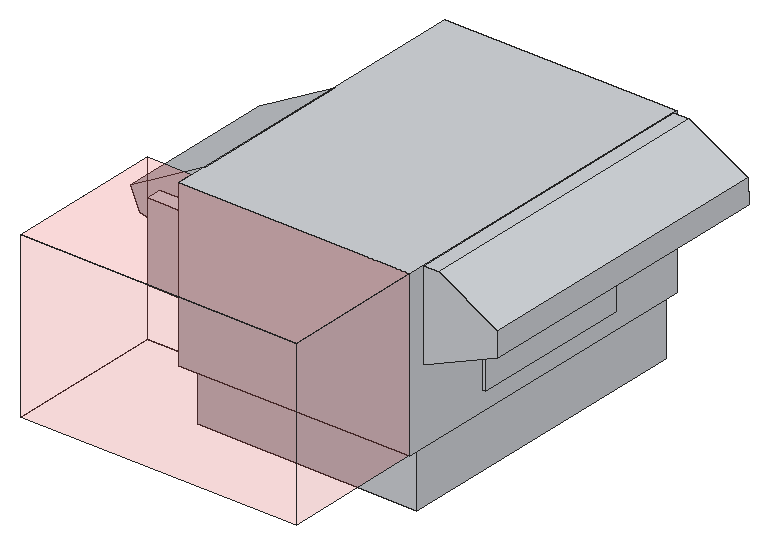
Revit family
Parameters (values of type "115 V Single Phase")
  Weight Scheduled [instance] = 915  # constant formula
  Voltage Workaround = Voltage / 1 V  # 115
  Voltage Scheduled = Voltage  # 115 V
  Voltage = 115 V
  VoltAmps Workaround [instance] = Voltage Workaround * Total FLA * sqrt(Phase)  # 0
  VoltAmps [instance] = VoltAmps Workaround * 1 VA  # 0 VA
  VFD [instance] = no
  URL = "http://www.renewaire.com/_assets/files/SubmittalForms/HE4XRTSubmittal.pdf"
  Total FLA [instance] = if(or(Supply Motor FLA = 0, Exhaust Motor FLA = 0), 0, (Supply Motor FLA * Supply Motor Count) + (Exhaust Motor FLA * Exhaust Motor Count))  # 0
  Supply Motor RPM Scheduled [instance] = Supply Motor RPM  # 0
  Supply Motor RPM [instance] = if(and(or(Supply ESP = 0, Supply ESP > 0), Supply ESP < 0.25), if(Supply Motor HP = 2, if(Supply CFM > 3465 CFM, 0, if(Supply CFM > 3099 CFM, 1326, 1186)), if(Supply Motor HP = 3, if(Supply CFM > 3812 CFM, 0, 1455), if(Supply Motor HP = 5, if(Supply CFM > 4165 CFM, 0, 1623), 0))), if(and(or(Supply ESP = 0.25, Supply ESP > 0.25), Supply ESP < 0.5), if(Supply Motor HP = 2, if(Supply CFM > 3185 CFM, 0, if(Supply CFM > 2790 CFM, 1326, 1186)), if(Supply Motor HP = 3, if(Supply CFM > 3750 CFM, 0, if(Supply CFM > 3550 CFM, 1527, 1455)), if(Supply Motor HP = 5, if(Supply CFM > 4240 CFM, 0, if(Supply CFM > 3965 CFM, 1728, 1623)), 0))), if(and(or(Supply ESP = 0.5, Supply ESP > 0.5), Supply ESP < 0.75), if(Supply Motor HP = 2, if(Supply CFM > 2810 CFM, 0, if(Supply CFM > 2295 CFM, 1326, 1186)), if(Supply Motor HP = 3, if(Supply CFM > 3500 CFM, 0, if(Supply CFM > 3285 CFM, 1527, 1455)), if(Supply Motor HP = 5, if(Supply CFM > 4345 CFM, 0, if(Supply CFM > 4050 CFM, 1832, if(Supply CFM > 3750 CFM, 1728, 1623))), 0))), if(and(or(Supply ESP = 0.75, Supply ESP > 0.75), Supply ESP < 1), if(Supply Motor HP = 2, if(Supply CFM > 2335 CFM, 0, if(Supply CFM > 1790 CFM, 1326, 1186)), if(Supply Motor HP = 3, if(Supply CFM > 3350 CFM, 0, if(Supply CFM > 3085 CFM, 1598, if(Supply CFM > 2820 CFM, 1527, 1455))), if(Supply Motor HP = 5, if(Supply CFM > 4140 CFM, 0, if(Supply CFM > 3820 CFM, 1832, if(Supply CFM > 3475 CFM, 1728, 1623))), 0))), if(and(or(Supply ESP = 1, Supply ESP > 1), Supply ESP < 1.25), if(Supply Motor HP = 2, if(Supply CFM > 2451 CFM, 0, if(Supply CFM > 1885 CFM, 1466, if(Supply CFM > 1150 CFM, 1326, 1186))), if(Supply Motor HP = 3, if(Supply CFM > 3210 CFM, 0, if(Supply CFM > 2950 CFM, 1670, if(Supply CFM > 2676 CFM, 1598, if(Supply CFM > 2400 CFM, 1527, 1455)))), if(Supply Motor HP = 5, if(Supply CFM > 3850 CFM, 0, if(Supply CFM > 3450 CFM, 1832, if(Supply CFM > 3055 CFM, 1728, 1623))), 0))), if(and(or(Supply ESP = 1.25, Supply ESP > 1.25), Supply ESP < 1.5), if(Supply Motor HP = 2, if(Supply CFM > 2026 CFM, 0, if(Supply CFM > 1290 CFM, 1466, 1326)), if(Supply Motor HP = 3, if(Supply CFM > 2870 CFM, 0, if(Supply CFM > 2590 CFM, 1670, if(Supply CFM > 2300 CFM, 1598, if(Supply CFM > 1970 CFM, 1527, 1455)))), if(Supply Motor HP = 5, if(Supply CFM > 3490 CFM, 0, if(Supply CFM > 3050 CFM, 1832, if(Supply CFM > 2685 CFM, 1728, 1623))), 0))), if(Supply ESP = 1.5, if(Supply Motor HP = 2, if(Supply CFM > 1485 CFM, 0, 1466), if(Supply Motor HP = 3, if(Supply CFM > 2800 CFM, 0, if(Supply CFM > 2500 CFM, 1742, if(Supply CFM > 2175 CFM, 1670, if(Supply CFM > 1815 CFM, 1598, if(Supply CFM > 1450 CFM, 1527, 1455))))), if(Supply Motor HP = 5, if(Supply CFM > 3145 CFM, 0, if(Supply CFM > 2720 CFM, 1832, if(Supply CFM > 2290 CFM, 1728, 1623))), 0))), 0)))))))  # 0
  Supply Motor HP Scheduled [instance] = Supply Motor HP  # 0
  Supply Motor HP [instance] = 0
  Supply Motor FLA [instance] = if(VFD, if(Supply Motor BHP = 0, 0, if(Supply Motor HP = 2, if(and(or(Voltage = 208 V, Voltage = 230 V), Phase = 1), 6.1, if(and(or(Voltage = 208 V, Voltage = 230 V), Phase = 3), 6.1, if(and(Voltage = 460 V, Phase = 3), 2.9, if(and(Voltage = 575 V, Phase = 3), 2.4, 0)))), if(Supply Motor HP = 3, if(and(or(Voltage = 208 V, Voltage = 230 V), Phase = 1), 9.4, if(and(or(Voltage = 208 V, Voltage = 230 V), Phase = 3), 9.4, if(and(Voltage = 460 V, Phase = 3), 4.24, if(and(Voltage = 575 V, Phase = 3), 3.3, 0)))), if(Supply Motor HP = 5, if(and(or(Voltage = 208 V, Voltage = 230 V), Phase = 3), 14.5, if(and(Voltage = 460 V, Phase = 3), 6.7, if(and(Voltage = 575 V, Phase = 3), 5.3, 0))), 0)))), if(Supply Motor BHP = 0, 0, if(Supply Motor HP = 2, if(and(Voltage = 115 V, Phase = 1), 20, if(and(or(Voltage = 208 V, Voltage = 230 V), Phase = 1), 10.8, if(and(or(Voltage = 208 V, Voltage = 230 V), Phase = 3), 6.1, if(and(Voltage = 460 V, Phase = 3), 2.9, if(and(Voltage = 575 V, Phase = 3), 2.4, 0))))), if(Supply Motor HP = 3, if(and(or(Voltage = 208 V, Voltage = 230 V), Phase = 1), 13, if(and(or(Voltage = 208 V, Voltage = 230 V), Phase = 3), 9.4, if(and(Voltage = 460 V, Phase = 3), 4.2, if(and(Voltage = 575 V, Phase = 3), 3.3, 0)))), if(Supply Motor HP = 5, if(and(or(Voltage = 208 V, Voltage = 230 V), Phase = 3), 14.5, if(and(Voltage = 460 V, Phase = 3), 6.7, if(and(Voltage = 575 V, Phase = 3), 5.3, 0))), 0)))))  # 0
  Supply Motor Count Scheduled [instance] = Supply Motor Count  # 1
  Supply Motor Count [instance] = 1  # constant formula
  Supply Motor BHP [instance] = if(and(or(Supply ESP = 0, Supply ESP > 0), Supply ESP < 0.25), if(Supply Motor HP = 2, if(Supply CFM > 3465 CFM, 0, if(Supply CFM > 3099 CFM, 2.2, 1.5)), if(Supply Motor HP = 3, if(Supply CFM > 3812 CFM, 0, 2.7), if(Supply Motor HP = 5, if(Supply CFM > 4165 CFM, 0, 3.7), 0))), if(and(or(Supply ESP = 0.25, Supply ESP > 0.25), Supply ESP < 0.5), if(Supply Motor HP = 2, if(Supply CFM > 3185 CFM, 0, if(Supply CFM > 2790 CFM, 1.9, 1.3)), if(Supply Motor HP = 3, if(Supply CFM > 3750 CFM, 0, if(Supply CFM > 3550 CFM, 2.9, 2.5)), if(Supply Motor HP = 5, if(Supply CFM > 4240 CFM, 0, if(Supply CFM > 3965 CFM, 4.3, 3.5)), 0))), if(and(or(Supply ESP = 0.5, Supply ESP > 0.5), Supply ESP < 0.75), if(Supply Motor HP = 2, if(Supply CFM > 2810 CFM, 0, if(Supply CFM > 2295 CFM, 1.7, 1.1)), if(Supply Motor HP = 3, if(Supply CFM > 3500 CFM, 0, if(Supply CFM > 3285 CFM, 2.7, 2.3)), if(Supply Motor HP = 5, if(Supply CFM > 4345 CFM, 0, if(Supply CFM > 4050 CFM, 4.9, if(Supply CFM > 3750 CFM, 4, 3.3))), 0))), if(and(or(Supply ESP = 0.75, Supply ESP > 0.75), Supply ESP < 1), if(Supply Motor HP = 2, if(Supply CFM > 2335 CFM, 0, if(Supply CFM > 1790 CFM, 1.4, 0.8)), if(Supply Motor HP = 3, if(Supply CFM > 3350 CFM, 0, if(Supply CFM > 3085 CFM, 2.6, if(Supply CFM > 2820 CFM, 2.4, 2))), if(Supply Motor HP = 5, if(Supply CFM > 4140 CFM, 0, if(Supply CFM > 3820 CFM, 4.5, if(Supply CFM > 3475 CFM, 3.7, 3))), 0))), if(and(or(Supply ESP = 1, Supply ESP > 1), Supply ESP < 1.25), if(Supply Motor HP = 2, if(Supply CFM > 2451 CFM, 0, if(Supply CFM > 1885 CFM, 1.8, if(Supply CFM > 1150 CFM, 1.2, 0.6))), if(Supply Motor HP = 3, if(Supply CFM > 3210 CFM, 0, if(Supply CFM > 2950 CFM, 3, if(Supply CFM > 2676 CFM, 2.6, if(Supply CFM > 2400 CFM, 2.1, 1.7)))), if(Supply Motor HP = 5, if(Supply CFM > 3850 CFM, 0, if(Supply CFM > 3450 CFM, 4.2, if(Supply CFM > 3055 CFM, 3.3, 2.5))), 0))), if(and(or(Supply ESP = 1.25, Supply ESP > 1.25), Supply ESP < 1.5), if(Supply Motor HP = 2, if(Supply CFM > 2026 CFM, 0, if(Supply CFM > 1290 CFM, 1.5, 0.9)), if(Supply Motor HP = 3, if(Supply CFM > 2870 CFM, 0, if(Supply CFM > 2590 CFM, 2.7, if(Supply CFM > 2300 CFM, 2.3, if(Supply CFM > 1970 CFM, 1.9, 1.5)))), if(Supply Motor HP = 5, if(Supply CFM > 3490 CFM, 0, if(Supply CFM > 3050 CFM, 3.7, if(Supply CFM > 2685 CFM, 3, 2.3))), 0))), if(Supply ESP = 1.5, if(Supply Motor HP = 2, if(Supply CFM > 1485 CFM, 0, 1.2), if(Supply Motor HP = 3, if(Supply CFM > 2800 CFM, 0, if(Supply CFM > 2500 CFM, 2.9, if(Supply CFM > 2175 CFM, 2.4, if(Supply CFM > 1815 CFM, 2, if(Supply CFM > 1450 CFM, 1.5, 1.2))))), if(Supply Motor HP = 5, if(Supply CFM > 3145 CFM, 0, if(Supply CFM > 2720 CFM, 3.3, if(Supply CFM > 2290 CFM, 2.6, 2))), 0))), 0)))))))  # 0
  Supply ESP Scheduled [instance] = Supply ESP  # 0
  Supply ESP [instance] = 0
  Supply CFM Scheduled [instance] = Supply CFM  # 0 CFM
  Supply CFM [instance] = 0 CFM
  Supply Air Winter RH Scheduled [instance] = 0
  Supply Air Winter DB Scheduled [instance] = 0
  Supply Air Summer RH Scheduled [instance] = 0
  Supply Air Summer DB Scheduled [instance] = 0
  Phase Scheduled = Phase  # 1
  Phase = 1
  Outside Air Winter RH Scheduled [instance] = 0
  Outside Air Winter DB Scheduled [instance] = 0
  Outside Air Summer RH Scheduled [instance] = 0
  Outside Air Summer DB Scheduled [instance] = 0
  Number of Poles = 1
  Model = "HE4XRTF"
  Manufacturer = "RenewAire"
  MOCP Scheduled [instance] = MOCP  # 0
  MOCP [instance] = if(VFD, if(Total FLA = 0, 0, if(and(or(Voltage = 208 V, Voltage = 230 V), Phase = 1), if(and(Supply Motor HP = 2, Exhaust Motor HP = 2), 30, if(and(Supply Motor HP = 2, Exhaust Motor HP = 3), 40, if(and(Supply Motor HP = 3, Exhaust Motor HP = 2), 40, if(and(Supply Motor HP = 3, Exhaust Motor HP = 3), 45, 0)))), if(and(or(Voltage = 208 V, Voltage = 230 V), Phase = 3), if(and(Supply Motor HP = 2, Exhaust Motor HP = 2), 15, if(and(Supply Motor HP = 2, Exhaust Motor HP = 3), 25, if(and(Supply Motor HP = 2, Exhaust Motor HP = 5), 35, if(and(Supply Motor HP = 3, Exhaust Motor HP = 2), 25, if(and(Supply Motor HP = 3, Exhaust Motor HP = 3), 25, if(and(Supply Motor HP = 3, Exhaust Motor HP = 5), 40, if(and(Supply Motor HP = 5, Exhaust Motor HP = 2), 35, if(and(Supply Motor HP = 5, Exhaust Motor HP = 3), 40, if(and(Supply Motor HP = 5, Exhaust Motor HP = 5), 45, 0))))))))), if(and(Voltage = 460 V, Phase = 3), if(and(Supply Motor HP = 2, Exhaust Motor HP = 2), 15, if(and(Supply Motor HP = 2, Exhaust Motor HP = 3), 15, if(and(Supply Motor HP = 2, Exhaust Motor HP = 5), 15, if(and(Supply Motor HP = 3, Exhaust Motor HP = 2), 15, if(and(Supply Motor HP = 3, Exhaust Motor HP = 3), 15, if(and(Supply Motor HP = 3, Exhaust Motor HP = 5), 15, if(and(Supply Motor HP = 5, Exhaust Motor HP = 2), 15, if(and(Supply Motor HP = 5, Exhaust Motor HP = 3), 15, if(and(Supply Motor HP = 5, Exhaust Motor HP = 5), 20, 0))))))))), if(and(Voltage = 575 V, Phase = 3), if(and(Supply Motor HP = 2, Exhaust Motor HP = 2), 15, if(and(Supply Motor HP = 2, Exhaust Motor HP = 3), 15, if(and(Supply Motor HP = 2, Exhaust Motor HP = 5), 15, if(and(Supply Motor HP = 3, Exhaust Motor HP = 2), 15, if(and(Supply Motor HP = 3, Exhaust Motor HP = 3), 15, if(and(Supply Motor HP = 3, Exhaust Motor HP = 5), 15, if(and(Supply Motor HP = 5, Exhaust Motor HP = 2), 15, if(and(Supply Motor HP = 5, Exhaust Motor HP = 3), 15, if(and(Supply Motor HP = 5, Exhaust Motor HP = 5), 15, 0))))))))), 0))))), if(Total FLA = 0, 0, if(and(Voltage = 115 V, Phase = 1), if(and(Supply Motor HP = 2, Exhaust Motor HP = 2), 60, 0), if(and(or(Voltage = 208 V, Voltage = 230 V), Phase = 1), if(and(Supply Motor HP = 2, Exhaust Motor HP = 2), 35, if(and(Supply Motor HP = 2, Exhaust Motor HP = 3), 40, if(and(Supply Motor HP = 3, Exhaust Motor HP = 2), 40, if(and(Supply Motor HP = 3, Exhaust Motor HP = 3), 40, 0)))), if(and(or(Voltage = 208 V, Voltage = 230 V), Phase = 3), if(and(Supply Motor HP = 2, Exhaust Motor HP = 2), 15, if(and(Supply Motor HP = 2, Exhaust Motor HP = 3), 25, if(and(Supply Motor HP = 2, Exhaust Motor HP = 5), 35, if(and(Supply Motor HP = 3, Exhaust Motor HP = 2), 25, if(and(Supply Motor HP = 3, Exhaust Motor HP = 3), 25, if(and(Supply Motor HP = 3, Exhaust Motor HP = 5), 40, if(and(Supply Motor HP = 5, Exhaust Motor HP = 2), 35, if(and(Supply Motor HP = 5, Exhaust Motor HP = 3), 40, if(and(Supply Motor HP = 5, Exhaust Motor HP = 5), 45, 0))))))))), if(and(Voltage = 460 V, Phase = 3), if(and(Supply Motor HP = 2, Exhaust Motor HP = 2), 15, if(and(Supply Motor HP = 2, Exhaust Motor HP = 3), 15, if(and(Supply Motor HP = 2, Exhaust Motor HP = 5), 15, if(and(Supply Motor HP = 3, Exhaust Motor HP = 2), 15, if(and(Supply Motor HP = 3, Exhaust Motor HP = 3), 15, if(and(Supply Motor HP = 3, Exhaust Motor HP = 5), 15, if(and(Supply Motor HP = 5, Exhaust Motor HP = 2), 15, if(and(Supply Motor HP = 5, Exhaust Motor HP = 3), 15, if(and(Supply Motor HP = 5, Exhaust Motor HP = 5), 20, 0))))))))), if(and(Voltage = 575 V, Phase = 3), if(and(Supply Motor HP = 2, Exhaust Motor HP = 2), 15, if(and(Supply Motor HP = 2, Exhaust Motor HP = 3), 15, if(and(Supply Motor HP = 2, Exhaust Motor HP = 5), 15, if(and(Supply Motor HP = 3, Exhaust Motor HP = 2), 15, if(and(Supply Motor HP = 3, Exhaust Motor HP = 3), 15, if(and(Supply Motor HP = 3, Exhaust Motor HP = 5), 15, if(and(Supply Motor HP = 5, Exhaust Motor HP = 2), 15, if(and(Supply Motor HP = 5, Exhaust Motor HP = 3), 15, if(and(Supply Motor HP = 5, Exhaust Motor HP = 5), 15, 0))))))))), 0)))))))  # 0
  MCA Scheduled [instance] = MCA  # 0
  MCA [instance] = if(VFD, if(Total FLA = 0, 0, if(and(or(Voltage = 208 V, Voltage = 230 V), Phase = 1), if(and(Supply Motor HP = 2, Exhaust Motor HP = 2), 26, if(and(Supply Motor HP = 2, Exhaust Motor HP = 3), 33.9, if(and(Supply Motor HP = 3, Exhaust Motor HP = 2), 33.9, if(and(Supply Motor HP = 3, Exhaust Motor HP = 3), 40.2, 0)))), if(and(or(Voltage = 208 V, Voltage = 230 V), Phase = 3), if(and(Supply Motor HP = 2, Exhaust Motor HP = 2), 15, if(and(Supply Motor HP = 2, Exhaust Motor HP = 3), 19.6, if(and(Supply Motor HP = 2, Exhaust Motor HP = 5), 26.6, if(and(Supply Motor HP = 3, Exhaust Motor HP = 2), 19.6, if(and(Supply Motor HP = 3, Exhaust Motor HP = 3), 23.2, if(and(Supply Motor HP = 3, Exhaust Motor HP = 5), 30.3, if(and(Supply Motor HP = 5, Exhaust Motor HP = 2), 26.6, if(and(Supply Motor HP = 5, Exhaust Motor HP = 3), 30.3, if(and(Supply Motor HP = 5, Exhaust Motor HP = 5), 35.9, 0))))))))), if(and(Voltage = 460 V, Phase = 3), if(and(Supply Motor HP = 2, Exhaust Motor HP = 2), 7.2, if(and(Supply Motor HP = 2, Exhaust Motor HP = 3), 9, if(and(Supply Motor HP = 2, Exhaust Motor HP = 5), 12.4, if(and(Supply Motor HP = 3, Exhaust Motor HP = 2), 9, if(and(Supply Motor HP = 3, Exhaust Motor HP = 3), 10.5, if(and(Supply Motor HP = 3, Exhaust Motor HP = 5), 13.9, if(and(Supply Motor HP = 5, Exhaust Motor HP = 2), 12.4, if(and(Supply Motor HP = 5, Exhaust Motor HP = 3), 13.9, if(and(Supply Motor HP = 5, Exhaust Motor HP = 5), 16.6, 0))))))))), if(and(Voltage = 575 V, Phase = 3), if(and(Supply Motor HP = 2, Exhaust Motor HP = 2), 5.9, if(and(Supply Motor HP = 2, Exhaust Motor HP = 3), 7.2, if(and(Supply Motor HP = 2, Exhaust Motor HP = 5), 9.9, if(and(Supply Motor HP = 3, Exhaust Motor HP = 2), 7.2, if(and(Supply Motor HP = 3, Exhaust Motor HP = 3), 8.2, if(and(Supply Motor HP = 3, Exhaust Motor HP = 5), 10.9, if(and(Supply Motor HP = 5, Exhaust Motor HP = 2), 9.9, if(and(Supply Motor HP = 5, Exhaust Motor HP = 3), 10.9, if(and(Supply Motor HP = 5, Exhaust Motor HP = 5), 13.1, 0))))))))), 0))))), if(Total FLA = 0, 0, if(and(Voltage = 115 V, Phase = 1), if(and(Supply Motor HP = 2, Exhaust Motor HP = 2), 45, 0), if(and(or(Voltage = 208 V, Voltage = 230 V), Phase = 1), if(and(Supply Motor HP = 2, Exhaust Motor HP = 2), 24.3, if(and(Supply Motor HP = 2, Exhaust Motor HP = 3), 27.1, if(and(Supply Motor HP = 3, Exhaust Motor HP = 2), 27.1, if(and(Supply Motor HP = 3, Exhaust Motor HP = 3), 29.3, 0)))), if(and(or(Voltage = 208 V, Voltage = 230 V), Phase = 3), if(and(Supply Motor HP = 2, Exhaust Motor HP = 2), 13.6, if(and(Supply Motor HP = 2, Exhaust Motor HP = 3), 17.8, if(and(Supply Motor HP = 2, Exhaust Motor HP = 5), 24.2, if(and(Supply Motor HP = 3, Exhaust Motor HP = 2), 17.8, if(and(Supply Motor HP = 3, Exhaust Motor HP = 3), 21.1, if(and(Supply Motor HP = 3, Exhaust Motor HP = 5), 27.5, if(and(Supply Motor HP = 5, Exhaust Motor HP = 2), 24.2, if(and(Supply Motor HP = 5, Exhaust Motor HP = 3), 27.5, if(and(Supply Motor HP = 5, Exhaust Motor HP = 5), 32.6, 0))))))))), if(and(Voltage = 460 V, Phase = 3), if(and(Supply Motor HP = 2, Exhaust Motor HP = 2), 6.5, if(and(Supply Motor HP = 2, Exhaust Motor HP = 3), 8.2, if(and(Supply Motor HP = 2, Exhaust Motor HP = 5), 11.3, if(and(Supply Motor HP = 3, Exhaust Motor HP = 2), 8.2, if(and(Supply Motor HP = 3, Exhaust Motor HP = 3), 9.5, if(and(Supply Motor HP = 3, Exhaust Motor HP = 5), 12.6, if(and(Supply Motor HP = 5, Exhaust Motor HP = 2), 11.3, if(and(Supply Motor HP = 5, Exhaust Motor HP = 3), 12.6, if(and(Supply Motor HP = 5, Exhaust Motor HP = 5), 15.1, 0))))))))), if(and(Voltage = 575 V, Phase = 3), if(and(Supply Motor HP = 2, Exhaust Motor HP = 2), 5.4, if(and(Supply Motor HP = 2, Exhaust Motor HP = 3), 6.5, if(and(Supply Motor HP = 2, Exhaust Motor HP = 5), 9, if(and(Supply Motor HP = 3, Exhaust Motor HP = 2), 6.5, if(and(Supply Motor HP = 3, Exhaust Motor HP = 3), 7.4, if(and(Supply Motor HP = 3, Exhaust Motor HP = 5), 9.9, if(and(Supply Motor HP = 5, Exhaust Motor HP = 2), 9, if(and(Supply Motor HP = 5, Exhaust Motor HP = 3), 9.9, if(and(Supply Motor HP = 5, Exhaust Motor HP = 5), 11.9, 0))))))))), 0)))))))  # 0
  FLA Scheduled [instance] = Total FLA  # 0
  Exhaust RH Scheduled [instance] = 0
  Exhaust Motor RPM Scheduled [instance] = Exhaust Motor RPM  # 0
  Exhaust Motor RPM [instance] = if(and(or(Exhaust ESP = 0, Exhaust ESP > 0), Exhaust ESP < 0.25), if(Exhaust Motor HP = 2, if(Exhaust CFM > 3465 CFM, 0, if(Exhaust CFM > 3099 CFM, 1326, 1186)), if(Exhaust Motor HP = 3, if(Exhaust CFM > 3812 CFM, 0, 1455), if(Exhaust Motor HP = 5, if(Exhaust CFM > 4165 CFM, 0, 1623), 0))), if(and(or(Exhaust ESP = 0.25, Exhaust ESP > 0.25), Exhaust ESP < 0.5), if(Exhaust Motor HP = 2, if(Exhaust CFM > 3185 CFM, 0, if(Exhaust CFM > 2790 CFM, 1326, 1186)), if(Exhaust Motor HP = 3, if(Exhaust CFM > 3750 CFM, 0, if(Exhaust CFM > 3550 CFM, 1527, 1455)), if(Exhaust Motor HP = 5, if(Exhaust CFM > 4240 CFM, 0, if(Exhaust CFM > 3965 CFM, 1728, 1623)), 0))), if(and(or(Exhaust ESP = 0.5, Exhaust ESP > 0.5), Exhaust ESP < 0.75), if(Exhaust Motor HP = 2, if(Exhaust CFM > 2810 CFM, 0, if(Exhaust CFM > 2295 CFM, 1326, 1186)), if(Exhaust Motor HP = 3, if(Exhaust CFM > 3500 CFM, 0, if(Exhaust CFM > 3285 CFM, 1527, 1455)), if(Exhaust Motor HP = 5, if(Exhaust CFM > 4345 CFM, 0, if(Exhaust CFM > 4050 CFM, 1832, if(Exhaust CFM > 3750 CFM, 1728, 1623))), 0))), if(and(or(Exhaust ESP = 0.75, Exhaust ESP > 0.75), Exhaust ESP < 1), if(Exhaust Motor HP = 2, if(Exhaust CFM > 2335 CFM, 0, if(Exhaust CFM > 1790 CFM, 1326, 1186)), if(Exhaust Motor HP = 3, if(Exhaust CFM > 3350 CFM, 0, if(Exhaust CFM > 3085 CFM, 1598, if(Exhaust CFM > 2820 CFM, 1527, 1455))), if(Exhaust Motor HP = 5, if(Exhaust CFM > 4140 CFM, 0, if(Exhaust CFM > 3820 CFM, 1832, if(Exhaust CFM > 3475 CFM, 1728, 1623))), 0))), if(and(or(Exhaust ESP = 1, Exhaust ESP > 1), Exhaust ESP < 1.25), if(Exhaust Motor HP = 2, if(Exhaust CFM > 2451 CFM, 0, if(Exhaust CFM > 1885 CFM, 1466, if(Exhaust CFM > 1150 CFM, 1326, 1186))), if(Exhaust Motor HP = 3, if(Exhaust CFM > 3210 CFM, 0, if(Exhaust CFM > 2950 CFM, 1670, if(Exhaust CFM > 2676 CFM, 1598, if(Exhaust CFM > 2400 CFM, 1527, 1455)))), if(Exhaust Motor HP = 5, if(Exhaust CFM > 3850 CFM, 0, if(Exhaust CFM > 3450 CFM, 1832, if(Exhaust CFM > 3055 CFM, 1728, 1623))), 0))), if(and(or(Exhaust ESP = 1.25, Exhaust ESP > 1.25), Exhaust ESP < 1.5), if(Exhaust Motor HP = 2, if(Exhaust CFM > 2026 CFM, 0, if(Exhaust CFM > 1290 CFM, 1466, 1326)), if(Exhaust Motor HP = 3, if(Exhaust CFM > 2870 CFM, 0, if(Exhaust CFM > 2590 CFM, 1670, if(Exhaust CFM > 2300 CFM, 1598, if(Exhaust CFM > 1970 CFM, 1527, 1455)))), if(Exhaust Motor HP = 5, if(Exhaust CFM > 3490 CFM, 0, if(Exhaust CFM > 3050 CFM, 1832, if(Exhaust CFM > 2685 CFM, 1728, 1623))), 0))), if(Exhaust ESP = 1.5, if(Exhaust Motor HP = 2, if(Exhaust CFM > 1485 CFM, 0, 1466), if(Exhaust Motor HP = 3, if(Exhaust CFM > 2800 CFM, 0, if(Exhaust CFM > 2500 CFM, 1742, if(Exhaust CFM > 2175 CFM, 1670, if(Exhaust CFM > 1815 CFM, 1598, if(Exhaust CFM > 1450 CFM, 1527, 1455))))), if(Exhaust Motor HP = 5, if(Exhaust CFM > 3145 CFM, 0, if(Exhaust CFM > 2720 CFM, 1832, if(Exhaust CFM > 2290 CFM, 1728, 1623))), 0))), 0)))))))  # 0
  Exhaust Motor HP Scheduled [instance] = Exhaust Motor HP  # 0
  Exhaust Motor HP [instance] = 0
  Exhaust Motor FLA [instance] = if(VFD, if(Exhaust Motor BHP = 0, 0, if(Exhaust Motor HP = 2, if(and(or(Voltage = 208 V, Voltage = 230 V), Phase = 1), 6.1, if(and(or(Voltage = 208 V, Voltage = 230 V), Phase = 3), 6.1, if(and(Voltage = 460 V, Phase = 3), 2.9, if(and(Voltage = 575 V, Phase = 3), 2.4, 0)))), if(Exhaust Motor HP = 3, if(and(or(Voltage = 208 V, Voltage = 230 V), Phase = 1), 9.4, if(and(or(Voltage = 208 V, Voltage = 230 V), Phase = 3), 9.4, if(and(Voltage = 460 V, Phase = 3), 4.24, if(and(Voltage = 575 V, Phase = 3), 3.3, 0)))), if(Exhaust Motor HP = 5, if(and(or(Voltage = 208 V, Voltage = 230 V), Phase = 3), 14.5, if(and(Voltage = 460 V, Phase = 3), 6.7, if(and(Voltage = 575 V, Phase = 3), 5.3, 0))), 0)))), if(Exhaust Motor BHP = 0, 0, if(Exhaust Motor HP = 2, if(and(Voltage = 115 V, Phase = 1), 20, if(and(or(Voltage = 208 V, Voltage = 230 V), Phase = 1), 10.8, if(and(or(Voltage = 208 V, Voltage = 230 V), Phase = 3), 6.1, if(and(Voltage = 460 V, Phase = 3), 2.9, if(and(Voltage = 575 V, Phase = 3), 2.4, 0))))), if(Exhaust Motor HP = 3, if(and(or(Voltage = 208 V, Voltage = 230 V), Phase = 1), 13, if(and(or(Voltage = 208 V, Voltage = 230 V), Phase = 3), 9.4, if(and(Voltage = 460 V, Phase = 3), 4.2, if(and(Voltage = 575 V, Phase = 3), 3.3, 0)))), if(Exhaust Motor HP = 5, if(and(or(Voltage = 208 V, Voltage = 230 V), Phase = 3), 14.5, if(and(Voltage = 460 V, Phase = 3), 6.7, if(and(Voltage = 575 V, Phase = 3), 5.3, 0))), 0)))))  # 0
  Exhaust Motor Count Scheduled [instance] = Exhaust Motor Count  # 1
  Exhaust Motor Count [instance] = 1  # constant formula
  Exhaust Motor BHP [instance] = if(and(or(Exhaust ESP = 0, Exhaust ESP > 0), Exhaust ESP < 0.25), if(Exhaust Motor HP = 2, if(Exhaust CFM > 3465 CFM, 0, if(Exhaust CFM > 3099 CFM, 2.2, 1.5)), if(Exhaust Motor HP = 3, if(Exhaust CFM > 3812 CFM, 0, 2.7), if(Exhaust Motor HP = 5, if(Exhaust CFM > 4165 CFM, 0, 3.7), 0))), if(and(or(Exhaust ESP = 0.25, Exhaust ESP > 0.25), Exhaust ESP < 0.5), if(Exhaust Motor HP = 2, if(Exhaust CFM > 3185 CFM, 0, if(Exhaust CFM > 2790 CFM, 1.9, 1.3)), if(Exhaust Motor HP = 3, if(Exhaust CFM > 3750 CFM, 0, if(Exhaust CFM > 3550 CFM, 2.9, 2.5)), if(Exhaust Motor HP = 5, if(Exhaust CFM > 4240 CFM, 0, if(Exhaust CFM > 3965 CFM, 4.3, 3.5)), 0))), if(and(or(Exhaust ESP = 0.5, Exhaust ESP > 0.5), Exhaust ESP < 0.75), if(Exhaust Motor HP = 2, if(Exhaust CFM > 2810 CFM, 0, if(Exhaust CFM > 2295 CFM, 1.7, 1.1)), if(Exhaust Motor HP = 3, if(Exhaust CFM > 3500 CFM, 0, if(Exhaust CFM > 3285 CFM, 2.7, 2.3)), if(Exhaust Motor HP = 5, if(Exhaust CFM > 4345 CFM, 0, if(Exhaust CFM > 4050 CFM, 4.9, if(Exhaust CFM > 3750 CFM, 4, 3.3))), 0))), if(and(or(Exhaust ESP = 0.75, Exhaust ESP > 0.75), Exhaust ESP < 1), if(Exhaust Motor HP = 2, if(Exhaust CFM > 2335 CFM, 0, if(Exhaust CFM > 1790 CFM, 1.4, 0.8)), if(Exhaust Motor HP = 3, if(Exhaust CFM > 3350 CFM, 0, if(Exhaust CFM > 3085 CFM, 2.6, if(Exhaust CFM > 2820 CFM, 2.4, 2))), if(Exhaust Motor HP = 5, if(Exhaust CFM > 4140 CFM, 0, if(Exhaust CFM > 3820 CFM, 4.5, if(Exhaust CFM > 3475 CFM, 3.7, 3))), 0))), if(and(or(Exhaust ESP = 1, Exhaust ESP > 1), Exhaust ESP < 1.25), if(Exhaust Motor HP = 2, if(Exhaust CFM > 2451 CFM, 0, if(Exhaust CFM > 1885 CFM, 1.8, if(Exhaust CFM > 1150 CFM, 1.2, 0.6))), if(Exhaust Motor HP = 3, if(Exhaust CFM > 3210 CFM, 0, if(Exhaust CFM > 2950 CFM, 3, if(Exhaust CFM > 2676 CFM, 2.6, if(Exhaust CFM > 2400 CFM, 2.1, 1.7)))), if(Exhaust Motor HP = 5, if(Exhaust CFM > 3850 CFM, 0, if(Exhaust CFM > 3450 CFM, 4.2, if(Exhaust CFM > 3055 CFM, 3.3, 2.5))), 0))), if(and(or(Exhaust ESP = 1.25, Exhaust ESP > 1.25), Exhaust ESP < 1.5), if(Exhaust Motor HP = 2, if(Exhaust CFM > 2026 CFM, 0, if(Exhaust CFM > 1290 CFM, 1.5, 0.9)), if(Exhaust Motor HP = 3, if(Exhaust CFM > 2870 CFM, 0, if(Exhaust CFM > 2590 CFM, 2.7, if(Exhaust CFM > 2300 CFM, 2.3, if(Exhaust CFM > 1970 CFM, 1.9, 1.5)))), if(Exhaust Motor HP = 5, if(Exhaust CFM > 3490 CFM, 0, if(Exhaust CFM > 3050 CFM, 3.7, if(Exhaust CFM > 2685 CFM, 3, 2.3))), 0))), if(Exhaust ESP = 1.5, if(Exhaust Motor HP = 2, if(Exhaust CFM > 1485 CFM, 0, 1.2), if(Exhaust Motor HP = 3, if(Exhaust CFM > 2800 CFM, 0, if(Exhaust CFM > 2500 CFM, 2.9, if(Exhaust CFM > 2175 CFM, 2.4, if(Exhaust CFM > 1815 CFM, 2, if(Exhaust CFM > 1450 CFM, 1.5, 1.2))))), if(Exhaust Motor HP = 5, if(Exhaust CFM > 3145 CFM, 0, if(Exhaust CFM > 2720 CFM, 3.3, if(Exhaust CFM > 2290 CFM, 2.6, 2))), 0))), 0)))))))  # 0
  Exhaust ESP Scheduled [instance] = Exhaust ESP  # 0
  Exhaust ESP [instance] = 0
  Exhaust DB Scheduled [instance] = 0
  Exhaust CFM Scheduled [instance] = Exhaust CFM  # 0 CFM
  Exhaust CFM [instance] = 0 CFM
  Enthalpy Effect Winter Scheduled [instance] = 0
  Enthalpy Effect Summer Scheduled [instance] = 0
Types (8): name | Voltage Workaround | Voltage Scheduled | Voltage | VFD | Phase Scheduled | Phase | Number of Poles
  (no name) | 115 | 115 V | 115 V | no | 1 | 1 | 1
  208 V Single Phase | 208 | 208 V | 208 V | yes | 1 | 1 | 2
  230 V Single Phase | 230 | 230 V | 230 V | yes | 1 | 1 | 2
  208 V Three Phase | 208 | 208 V | 208 V | yes | 3 | 3 | 3
  230 V Three Phase | 230 | 230 V | 230 V | yes | 3 | 3 | 3
  460 V Three Phase | 460 | 460 V | 460 V | yes | 3 | 3 | 3
  575 V Three Phase | 575 | 575 V | 575 V | yes | 3 | 3 | 3
  115 V Single Phase | 115 | 115 V | 115 V | no | 1 | 1 | 1
Reference planes (in)
  plane 1 "Center (Front/Back)": y = 0
  plane 2: z = 0
  plane 3 "Center (Left/Right)": x = 0
Forms (in)
  Extrusion 1, solid
    sketch origin (0, 0, 0) x (1, 0, 0) y (0, 1, 0)
      loop
        line (-28.5, 41) -> (-28.5, -41) -> (28.5, -41) -> (28.5, 41) -> (-28.5, 41)
    from 14 to 54.25
  Extrusion 2, solid
    sketch origin (0.25, 0.875, 0) x (1, 0, 0) y (0, 1, 0)
      loop
        line (-27.0625, 38.1875) -> (-27.0625, -38.1875) -> (27.0625, -38.1875) -> (27.0625, 38.1875) -> (-27.0625, 38.1875)
    from 0 to 14
  Extrusion 3, solid
    sketch origin (0, -0.02941, 0) x (1, 0, 0) y (0, 1, 0)
      loop
        line (28.5, -40.97059) -> (-28.5, -40.97059) -> (-28.5, -36.84559) -> (-39.5, -36.84559) -> (-39.5, -76) -> (28.5, -76) -> (28.5, -40.97059)
    from 14 to 54.25
  Extrusion 4, solid
    sketch origin (-28.5, 27.06731, 0) x (0, 1, 0) y (0, 0, -1)
      loop
        line (-59.94231, -45.25) -> (-59.94231, -26) -> (-63.94231, -26) -> (-63.94231, -45.25) -> (-59.94231, -45.25)
    from 0 to 11
  Extrusion 5, solid
    sketch origin (28.5, 22.75, -0.125) x (0, -1, 0) y (0, 0, -1)
      loop
        line (41.75, -31.125) -> (41.75, -19.125) -> (1.75, -19.125) -> (1.75, -31.125) -> (41.75, -31.125)
    from 0 to 1
  Extrusion 6, solid
    sketch origin (0, 0, 0) x (1, 0, 0) y (0, 0, 1)
      loop
        line (-44.62254, 38.67542) -> (-28.5, 34.375) -> (-28.5, 54.25) -> (-46.875, 43.78579) -> (-44.62254, 38.67542)
    from -7 to 32.875
  Extrusion 7, solid
    sketch origin (0, 0, 0) x (1, 0, 0) y (0, 0, 1)
      loop
        line (28.5, 32.375) -> (47, 40.48033) -> (47, 46.38737) -> (32.25, 54.25) -> (28.5, 54.25) -> (28.5, 32.375)
    from -40 to 37
Cuts and joins
  joined: Extrusion 1, Extrusion 2, Extrusion 4, Extrusion 5
Lines and regions (in)
  Split face 1
    outline origin (0.25, 0.875, 0) x (1, 0, 0) y (0, 1, 0)
      loop
        line (-10.4375, -31.6875) -> (-10.4375, 2.3125) -> (-25.1875, 2.3125) -> (-25.1875, -31.6875) -> (-10.4375, -31.6875)
Connectors (in)
  hvac at (-17.5625, -13.8125, 0), driven by "Supply CFM"
    settings: on Extrusion 2, index 2, duct flow 0 CFM, flow factor 0, pres drop 0.00 in-wg, loss coef 0, conn angle 0.00°, conn width 12", conn height 32", conn radius 12", duct sys type 1, conn prof type 1, flow config 0, flow direction 2, loss method 0, conn ref index -1, conn util no, is conn primary yes, conn desc ""
  electrical at (-39.5, -34.875, 35.625), driven by "VoltAmps", driven by "Voltage", driven by "Number of Poles"
    settings: on Extrusion 4, index 3, voltage 115 V, apparent load 0 VA, apparent load phase1 0 VA, apparent load phase2 0 VA, apparent load phase3 0 VA, power factor 1, load classification "HVAC", number of poles 1, system type 30, power factor state 1, is connector primary yes, connector utility no, sub classification motor no, connector description ""
  hvac at (29.5, 1, 25), driven by "Exhaust CFM"
    settings: on Extrusion 5, index 4, duct flow 0 CFM, flow factor 0, pres drop 0.00 in-wg, loss coef 0, conn angle 0.00°, conn width 40", conn height 12", conn radius 12", duct sys type 3, conn prof type 1, flow config 0, flow direction 1, loss method 0, conn ref index -1, conn util no, is conn primary no, conn desc ""
